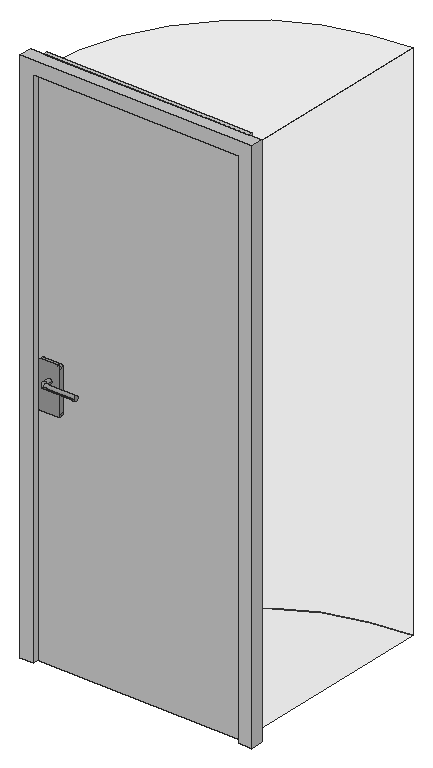
Revit family "AVLN_Дверь_Калитка", category Двери, Revit 2021
Family settings
  Основа = Стена
  Номер OmniClass = 23.30.10.00
  Заголовок OmniClass = Doors
  Всегда вертикально = Да
  При загрузке вырезать с полостями = Нет
  Общий = Нет
  Точка принадлежности помещению = Нет
Parameters (values of type "900х2050(h)_Калитка_П")
  Ширина полотна [instance] = Width - Монтажный зазор * 2 - Коробка толщина * 2  # 800 mm
  Тонкая линия проема = yes
  Толщина = 30 mm  # constant formula
  С1 [instance] = if(Смещение проема = 0 mm, 1 mm, 0 mm)  # 0 mm
  Порог_наружный_смещение [instance] = 50 mm
  Порог_внутренний_смещение [instance] = 50 mm
  Порог_внуренний [instance] = no
  Порог [instance] = no
  Определить тепловые свойства по = Тип схем
  Описание = "Дверь деревянная глухая межкомнатаная"
  Смещение проема [instance] = 50 mm
  Смещение внутрь = 0 mm
  Ручка смещение = 60 mm  # constant formula
  Ручка высота = 1000 mm  # constant formula
  Рабочая зона = no
  Rough Width = Width - Монтажный зазор * 2  # 900 mm
  Rough Height = Height - Монтажный зазор  # 2050 mm
  Правая = no
  Окрывание 30° = yes
  Монтажный зазор сверху [instance] = if(Смещение проема = 0 mm, Монтажный зазор, Монтажный зазор)  # 0 mm
  Монтажный зазор = 0 mm  # constant formula
  Матиал_Коробка = Сталь
  Материал_Рабочая зона = none
  Материал_Полотно = Профилированный лист
  Материал_Монтажный зазор = Монтажный зазор
  Материал_Стекло = Остекление
  Материал_Дверной ручки = По умолчанию
  Левая = not(Правая)  # yes
  Коробка.Профиль = 1 mm  # constant formula
  Коробка толщина = 50 mm  # constant formula
  Type Comments = ""
  Заполнение под проемом_Видимость [instance] = if(Смещение проема = 0 mm, 1 = 0, 1 = 1)  # yes
  Функция = Наружные слои
  Группа модели = "Калитка"
  Height = 2050 mm
  Замыкание стены = По основе
  Width = 900 mm
  Аналитическая конструкция = "<Нет>"
  АВЛН_Проем_Ширина [instance] = Width  # 900 mm
  АВЛН_Проем_Высота [instance] = Height + Смещение проема  # 2100 mm
  ADSK_Размер_Высота [instance] = if(Смещение проема = 0 mm, Height, Height)  # 2050 mm
  ADSK_Примечание [instance] = ""
  ADSK_Позиция [instance] = ""
  ADSK_Обозначение = "Индивидуальное изготовление"
  ADSK_Наименование = "ДСВ Оп 2090-900 Пр"
  ADSK_Масса = 0
  ADSK_Марка [instance] = ""
  ADSK_Количество [instance] = 0
  ADSK_Единица измерения [instance] = ""
  1 = Монтажный зазор * 2 + 100 mm  # 100 mm
Types (4, lengths in mm): name | Rough Height | Правая | Левая | Type Comments | Height | АВЛН_Проем_Высота | ADSK_Размер_Высота | ADSK_Обозначение | ADSK_Наименование
  900х2050(h)_Калитка_П | 2050 | no | yes | "" | 2050 | 2100 | 2050 | "Индивидуальное изготовление" | "ДСВ Оп 2090-900 Пр"
  900х2050(h)_Калитка_Л | 2050 | no | yes | "" | 2050 | 2100 | 2050 | "Индивидуальное изготовление" | "ДСВ Оп 2090-900 Л"
  900х2090(h)_Калитка_П | 2090 | yes | no | "Двери внутренние" | 2090 | 2140 | 2090 | "ГОСТ 31173-2016" | "ДСВ Оп 2090-900 Прг Пр Н П2лс"
  900х2090(h)_Калитка_Л | 2090 | no | yes | "Двери внутренние" | 2090 | 2140 | 2090 | "ГОСТ 31173-2016" | "ДСВ Оп 2090-900 Прг Л Н П2лс"
Reference planes
  plane 1: y = 0
  plane 2 "По центру (Влево/Вправо)": x = 0
  plane 3 "Слева": x = -450
  plane 4 "Справа": x = 450
  plane 5: z = 2100
  plane 6 "Наружный": y = 150
  plane 7 "Внутренние": y = -150
  plane 8: z = 50
  plane 9: x = -450
  plane 10: x = 450
  plane 11: x = 400
  plane 12: x = -400
  plane 13: z = 2100
  plane 14: z = 2050
  plane 15 "Полотно_Н": y = 150
  plane 16 "Полотно_В": y = 120
  plane 17: x = -340
  plane 18: x = 340
  plane 19: z = 1000
  plane 20: z = 1050
  plane 21 "Короб_В": y = 100
  plane 22: x = -399
  plane 23: x = 399
  plane 24: z = 2049
  plane 25: y = 1050
  plane 26: x = 300
  plane 27: z = 1950
  plane 28: x = -300
  plane 29: z = 1200
  plane 30: y = 135
  plane 31: y = 142.5
  plane 32: y = 127.5
  plane 33: y = 200
  plane 34: y = -200
  plane 35: z = 50
  plane 36: y = 950
Forms (mm)
  Extrusion 1, solid, material "Профилированный лист" <- "Материал_Полотно", detail levels fine
    sketch origin (0, 150, 0) x (1, 0, 0) y (0, 0, 1)
      loop
        line (400, 2100) -> (-400, 2100) -> (-400, 50) -> (400, 50) -> (400, 2100)
    from -15 to 0
  Sweep 2, solid, material "Сталь" <- "Матиал_Коробка"
    path origin (0, 150, 0) x (-1, 0, 0) y (0, 0, 1)
      loop
        line (400, 0) -> (400, 2050) -> (-400, 2050) -> (-400, 0)
    profile origin (-400, 150, 1025) x (0, 1, 0) y (-1, 0, 0)
      loop
        line (0, 50) -> (-50, 50) -> (-50, -1) -> (-30, -1) -> (-30, 0) -> (0, 0) -> (0, 50)
  Extrusion 3, void
    sketch origin (0, 0, 0) x (1, 0, 0) y (0, 1, 0)
      loop
        line (-450, 1050) -> (-450, 150) -> (450, 150) -> (450, 1050) -> (-450, 1050)
    from 50 to 2100
  Extrusion 4, solid, material "Профилированный лист" <- "Материал_Полотно"
    sketch origin (0, 150, 0) x (1, 0, 0) y (0, 0, 1)
      loop
        line (400, 2050) -> (-400, 2050) -> (-400, 0) -> (400, 0) -> (400, 2050)
    from 0 to 30
  Extrusion 5, solid, material "Зоны открывания", visible <- "Правая"
    sketch origin (1491.722, 564.195, 0) x (1, 0, 0) y (0, 1, 0)
      loop
        line (-1891.722, -414.195) -> (-1091.722, -414.195)
        arc (-1091.722, -414.195) -> (-1326.037, 151.491) -> (-1891.722, 385.805) r 800
        line (-1891.722, 385.805) -> (-1891.722, -414.195)
    from 0 to 2050
  Extrusion 6, solid, material "Зоны открывания", visible <- "Левая"
    sketch origin (-1491.722, 564.195, 0) x (-1, 0, 0) y (0, -1, 0)
      loop
        line (-1891.722, 414.195) -> (-1891.722, -385.805)
        arc (-1891.722, -385.805) -> (-1326.037, -151.491) -> (-1091.722, 414.195) r 800
        line (-1091.722, 414.195) -> (-1891.722, 414.195)
    from 0 to 2050
Lines and regions (mm)
  Opening 1
    outline origin (-3050, -150, 0) x (1, 0, 0) y (0, 0, 1)
      loop
        line (2600, 0) -> (3500, 0) -> (3500, 2100) -> (2600, 2100) -> (2600, 0)
  Masking region 1, visible <- "Тонкая линия проема"
    outline origin (95.796, -283.072, 0) x (1, 0, 0) y (0, 1, 0)
      loop
        line (-549.745, 443.072) -> (-545.796, 433.072) -> (-545.796, 133.072) -> (-545.796, 123.072) -> (354.204, 123.072) -> (354.204, 133.072) -> (354.204, 433.072) -> (356.729, 443.072) -> (-549.745, 443.072)
  model lines, style "Открывание_Внутрь", visible <- "Левая"
    curve 1: line (399, 120, 2049) -> (-399, 120, 1050)
    curve 2: line (-399, 120, 1050) -> (399, 120, 0)
  model lines, style "Открывание_Внутрь", visible <- "Правая"
    curve 3: line (-399, 120, 0) -> (399, 120, 1050)
    curve 4: line (399, 120, 1050) -> (-399, 120, 2049)
  model lines, style "Открывание_Наружу", visible <- "Правая"
    curve 5: line (-400, 165, 0) -> (399, 165, 1050)
    curve 6: line (399, 165, 1050) -> (-400, 165, 2050)
  model lines, style "Открывание_Наружу", visible <- "Левая"
    curve 7: line (400, 150, 2050) -> (-399, 150, 1050)
    curve 8: line (-399, 150, 1050) -> (400, 150, 0)
  model lines, style "Рабочая зона", visible <- "Рабочая зона"
    curve 9: line (-450, 150, 0) -> (-450, 1050, 0)
    curve 10: line (-450, 1050, 0) -> (450, 1050, 0)
    curve 11: line (450, 150, 0) -> (450, 1050, 0)
  symbolic lines, style "Порог", visible <- "Порог_внуренний"
    curve 12: line (-450, -200, 0) -> (450, -200, 0)
  symbolic lines, style "Порог", visible <- "Порог"
    curve 13: line (-450, 200, 0) -> (450, 200, 0)
Text (mm)
  text "Наружный" at (-2295.016, 1099.543, 0), in view "Опорный уровень"
  text "Наружный" at (0, 1615.38, 3698.081), in view "Слева"
  text "Наружный" at (0, 1036.032, 3874.932), in view "Справа"
Dimensions and locks
  equal spacing: plane 3 "Слева", plane 2 "По центру (Влево/Вправо)", plane 4 "Справа"
  "Width": plane 3 "Слева" to plane 4 "Справа"
  host wall to plane 5 = 2564.966 mm  (x2)
  locked: plane 6 "Наружный" to host wall
  locked: plane 7 "Внутренние" to host wall
  level to plane 8 = 50 mm
  "ADSK_Размер_Высота": plane 8 to plane 5
  "Монтажный зазор": plane 3 "Слева" to plane 9
  "Монтажный зазор": plane 10 to plane 4 "Справа"
  "Смещение внутрь": plane 15 "Полотно_Н" to plane 6 "Наружный"
  "Толщина": plane 15 "Полотно_Н" to plane 16 "Полотно_В"
  "Монтажный зазор сверху": plane 13 to plane 5
  "Коробка толщина": plane 14 to plane 13
  "Коробка толщина": plane 12 to plane 9
  "Коробка толщина": plane 11 to plane 10
  "Смещение проема": plane 8 to level
  "Ручка высота": level to plane 19
  "Ручка смещение": plane 12 to plane 17
  "Ручка смещение": plane 18 to plane 11
  equal spacing: level, plane 20, plane 5
  equal spacing: plane 7 "Внутренние", plane 1, plane 6 "Наружный"
  "Коробка толщина": plane 15 "Полотно_Н" to plane 21 "Короб_В"
  "Коробка.Профиль": plane 12 to plane 22
  "Коробка.Профиль": plane 23 to plane 11
  "Коробка.Профиль": plane 14 to plane 24
  "Width": plane 25 to plane 15 "Полотно_Н"
  plane 26 to plane 11 = 100 mm
  plane 12 to plane 28 = 100 mm
  plane 27 to plane 14 = 100 mm
  level to plane 29 = 1200 mm
  equal spacing: plane 15 "Полотно_Н", plane 30, plane 16 "Полотно_В"
  equal spacing: plane 32, plane 30, plane 31
  plane 32 to plane 31 = 15 mm
  "Порог_наружный_смещение": plane 6 "Наружный" to plane 33
  "Порог_внутренний_смещение": plane 34 to plane 7 "Внутренние"
  "С1": plane 8 to plane 35
  equal spacing: group 9, group 8, group 7, group 6, group 5, group 4, group 3, group 2, group 1
  equal spacing: group 1, group 2, group 3, group 4, group 5, group 6, group 7, group 8, group 9  (x2)
  "1": plane 25 to plane 36
  aligned and locked: plane 3 "Слева" to Opening 1 sketch curve
  aligned and locked: Opening 1 sketch curve to plane 4 "Справа"
  aligned and locked: plane 1 to host wall
  aligned and locked: nested 1 to plane 16 "Полотно_В"
  aligned and locked: nested 2 to plane 15 "Полотно_Н"
  aligned and locked: plane 15 "Полотно_Н" to nested 4
  aligned and locked: plane 16 "Полотно_В" to nested 3
  aligned and locked: plane 5 to Opening 1 sketch curve
  aligned and locked: nested 2 to plane 19
  aligned and locked: plane 19 to nested 4
  aligned and locked: plane 19 to nested 1
  aligned and locked: nested 3 to plane 19
  aligned and locked: plane 18 to nested 4
  aligned and locked: plane 17 to nested 2
  aligned and locked: nested 3 to plane 18
  aligned and locked: nested 1 to plane 17
  aligned and locked: nested 5 to plane 4 "Справа"
  aligned and locked: plane 3 "Слева" to nested 5
  aligned and locked: nested 5 to plane 15 "Полотно_Н"
  aligned and locked: nested 6 to plane 3 "Слева"
  aligned and locked: plane 4 "Справа" to nested 6
  aligned and locked: plane 15 "Полотно_Н" to nested 6
  aligned and locked: plane 11 to Sweep 2 sketch curve
  aligned and locked: plane 14 to Sweep 2 sketch curve
  aligned and locked: plane 12 to Sweep 2 sketch curve  (x2)
  aligned and locked: plane 15 "Полотно_Н" to Sweep 2 sketch curve
  aligned and locked: plane 9 to Sweep 2 sketch curve
  aligned and locked: plane 22 to Sweep 2 sketch curve
  aligned and locked: plane 21 "Короб_В" to Sweep 2 sketch curve
  aligned and locked: plane 16 "Полотно_В" to Sweep 2 sketch curve
  aligned and locked: plane 22 to curve 4
  aligned and locked: plane 24 to curve 4
  aligned and locked: plane 24 to curve 1
  aligned and locked: plane 23 to curve 1
  aligned and locked: plane 22 to curve 1
  aligned and locked: plane 20 to curve 2
  aligned and locked: plane 23 to curve 4
  aligned and locked: plane 20 to curve 3
  aligned and locked: Sweep 2 to curve 3
  aligned and locked: level to curve 3
  aligned and locked: Sweep 2 to curve 2
  aligned and locked: level to curve 2
  aligned and locked: curve 9 to plane 3 "Слева"
  aligned and locked: curve 10 to plane 25
  aligned and locked: curve 11 to plane 4 "Справа"
  aligned and locked: plane 15 "Полотно_Н" to curve 9
  aligned and locked: plane 15 "Полотно_Н" to curve 11
  aligned and locked: Extrusion 3 sketch curve to plane 25
  aligned and locked: Extrusion 3 sketch curve to plane 3 "Слева"
  aligned and locked: Extrusion 3 sketch curve to plane 15 "Полотно_Н"
  aligned and locked: Extrusion 3 sketch curve to plane 4 "Справа"
  aligned and locked: Extrusion 3 to plane 5
  aligned and locked: plane 11 to Extrusion 4 sketch curve
  aligned and locked: plane 14 to Extrusion 4 sketch curve
  aligned and locked: plane 12 to Extrusion 4 sketch curve
  aligned and locked: level to Extrusion 4 sketch curve
  aligned and locked: plane 15 "Полотно_Н" to Extrusion 4
  aligned and locked: Extrusion 4 to plane 16 "Полотно_В"
  aligned and locked: curve 6 to curve 4
  aligned and locked: curve 8 to curve 2
  aligned and locked: Masking region 1 sketch curve to curve 9
  aligned and locked: plane 6 "Наружный" to Masking region 1 sketch curve
  aligned and locked: host wall to Masking region 1 sketch curve  (x2)
  aligned and locked: plane 3 "Слева" to Masking region 1
  aligned and locked: Masking region 1 to plane 4 "Справа"
  aligned and locked: plane 3 "Слева" to curve 13
  aligned and locked: plane 4 "Справа" to curve 13
  aligned and locked: curve 13 to plane 33
  aligned and locked: curve 12 to plane 34
  aligned and locked: Extrusion 3 to plane 8
  aligned and locked: Sweep 2 sketch curve to host wall  (x2)
  aligned and locked: plane 13 to Extrusion 1
  aligned and locked: Extrusion 1 to Sweep 2
  aligned and locked: Extrusion 1 to host wall
  aligned and locked: Extrusion 1 to nested 2
  aligned and locked: Sweep 2 to Extrusion 1
  aligned and locked: Extrusion 1 to plane 8
  aligned and locked: Opening 1 sketch curve to level
  aligned and locked: Extrusion 4 to level
  aligned and locked: Extrusion 5 sketch curve to plane 15 "Полотно_Н"
  aligned and locked: Extrusion 5 to level
  aligned and locked: plane 14 to Extrusion 5
  aligned and locked: Extrusion 5 sketch curve to plane 12
  aligned and locked: plane 11 to Extrusion 5 sketch curve
  aligned and locked: plane 36 to Extrusion 5 sketch curve
  aligned and locked: Extrusion 6 sketch curve to plane 11
  aligned and locked: plane 15 "Полотно_Н" to Extrusion 6 sketch curve
  aligned and locked: plane 36 to Extrusion 6 sketch curve
  aligned and locked: plane 12 to Extrusion 6 sketch curve
  aligned and locked: Extrusion 6 to level
  aligned and locked: plane 14 to Extrusion 6
Automatic sketch dimensions
  Extrusion 1 sketch curve to plane 5 = 0 mm
  plane 12 to Extrusion 1 sketch curve = 0 mm
  Extrusion 1 sketch curve to plane 8 = 0 mm
  plane 11 to Extrusion 1 sketch curve = 0 mm
  curve 12 to plane 3 "Слева" = 0 mm
  curve 12 to plane 4 "Справа" = 0 mm
  curve 8 to level = 0 mm
  plane 11 to curve 8 = 0 mm
  plane 11 to curve 7 = 0 mm
  curve 8 to plane 20 = 0 mm
  curve 7 to plane 14 = 0 mm
  Masking region 1 sketch curve to plane 4 "Справа" = 0 mm
  Masking region 1 sketch curve to host wall = 0 mm
  plane 3 "Слева" to Masking region 1 sketch curve = 3.949 mm
  Masking region 1 sketch curve to plane 4 "Справа" = 2.525 mm
  host wall to Masking region 1 sketch curve = 10 mm  (x2)
  curve 6 to Extrusion 1 = 0 mm
  Extrusion 1 to curve 5 = 0 mm
  Extrusion 1 to curve 6 = 1 mm
  curve 5 to Extrusion 1 = 50 mm
  Extrusion 1 to curve 6 = 50 mm
Nested families
  nested 1: "Дв_Дверная ручка" at (-340, 120, -40), visible <- "Левая", type "Дв_Дверная ручка", detail levels fine
    with Высота расположения дверной ручки 1040 mm
  nested 2: "Дв_Дверная ручка" at (-340, 150, -40), visible <- "Левая", type "Дв_Дверная ручка", detail levels fine
    with Высота расположения дверной ручки 1040 mm
  nested 3: "Дв_Дверная ручка" at (340, 120, -40) x (-1, 0, 0) z (0, 0, 1), visible <- "Правая", type "Дв_Дверная ручка", detail levels fine
    with Высота расположения дверной ручки 1040 mm
  nested 4: "Дв_Дверная ручка" at (340, 150, -40) x (-1, 0, 0) z (0, 0, 1), visible <- "Правая", type "Дв_Дверная ручка", detail levels fine
    with Высота расположения дверной ручки 1040 mm
  nested 5: "АС-Однопольная-Обозначение на плане" at (0, 150, 0), Width <- "Width", Толщина <- "Толщина", Коробка.Толщина <- "Коробка толщина", Height <- "Rough Height", Полотно.Ширина <- "Ширина полотна", Rough Width <- "Rough Width", visible <- "Левая", Коробка.Ширина <- "Коробка.Профиль", type "АС-Стандарт"
    with Width 900 mm, Толщина 30 mm, Rough Width 900 mm, Полотно.Ширина 800 mm, Коробка.Ширина 1 mm, Коробка.Толщина 50 mm, Height 2050 mm
  nested 6: "АС-Однопольная-Обозначение на плане" at (0, 150, 0) x (-1, 0, 0) z (0, 0, 1), Width <- "Width", Толщина <- "Толщина", Коробка.Толщина <- "Коробка толщина", Height <- "Rough Height", Полотно.Ширина <- "Ширина полотна", Rough Width <- "Rough Width", visible <- "Правая", Коробка.Ширина <- "Коробка.Профиль", type "АС-Стандарт"
    with Width 900 mm, Толщина 30 mm, Rough Width 900 mm, Полотно.Ширина 800 mm, Коробка.Ширина 1 mm, Коробка.Толщина 50 mm, Height 2050 mm
Definition of nested family "Дв_Дверная ручка"
  Parameters (values of type "Дв_Дверная ручка")
    Материал дверной ручки = none
    Высота расположения дверной ручки [instance] = 1040 mm
    Analytic Construction = "<Нет>"
  Reference planes
    plane 1 "По центру (Вперед/Назад)": y = 0
    plane 2: z = 0
    plane 3 "По центру (Влево/Вправо)": x = 0
    plane 4: z = 1040
    plane 5: x = -41.434
    plane 6: x = 41.434
    plane 7: z = 1106.663
    plane 8: z = 926.663
    plane 9: y = -15
  Forms (mm)
    Extrusion 1, solid, material <- "Материал дверной ручки"
      sketch origin (0, 0, 0) x (1, 0, 0) y (0, 0, 1)
        loop
          arc (-31.434, 1106.663) -> (-38.505, 1103.734) -> (-41.434, 1096.663) r 10
          line (-41.434, 1096.663) -> (-41.434, 936.663)
          arc (-41.434, 936.663) -> (-38.505, 929.591) -> (-31.434, 926.663) r 10
          line (-31.434, 926.663) -> (31.434, 926.663)
          arc (31.434, 926.663) -> (38.505, 929.591) -> (41.434, 936.663) r 10
          line (41.434, 936.663) -> (41.434, 1096.663)
          arc (41.434, 1096.663) -> (38.505, 1103.734) -> (31.434, 1106.663) r 10
          line (31.434, 1106.663) -> (-31.434, 1106.663)
      from 0 to 15
    Sweep 2, solid, material <- "Материал дверной ручки"
      path origin (0, 0, 0) x (1, 0, 0) y (0, 1, 0)
        loop
          line (0, -15) -> (0, -38.261)
          arc (0, -38.261) -> (2.929, -45.332) -> (10, -48.261) r 10
          line (10, -48.261) -> (130, -48.261)
      profile origin (0, -26.63, 0) x (1, 0, 0) y (0, 0, 1)
        loop
          circle (0, 1040) r 8
  Dimensions and locks
    "Высота расположения дверной ручки": plane 4 to level
    plane 7 to plane 8 = 180 mm
    plane 6 to plane 5 = 82.868 mm
    equal spacing: plane 6, plane 3 "По центру (Влево/Вправо)", plane 5
    locked: plane 1 "По центру (Вперед/Назад)" to plane 9 at 15
    aligned and locked: level to plane 2
    aligned and locked: Extrusion 1 sketch curve to plane 7
    aligned and locked: plane 5 to Extrusion 1 sketch curve
    aligned and locked: plane 8 to Extrusion 1 sketch curve
    aligned and locked: Extrusion 1 sketch curve to plane 6
    aligned and locked: Extrusion 1 to plane 1 "По центру (Вперед/Назад)"
    aligned and locked: plane 4 to Sweep 2
  Automatic sketch dimensions
    plane 5 to Extrusion 1 sketch curve = 10 mm
    Extrusion 1 sketch curve to Extrusion 1 sketch curve = 10 mm  (x2)
    Extrusion 1 sketch curve to plane 6 = 10 mm
    Sweep 2 sketch curve to plane 3 "По центру (Влево/Вправо)" = 0 mm
    plane 9 to Sweep 2 sketch curve = 0 mm
    Sweep 2 sketch curve to Sweep 2 sketch curve = 10 mm
    Sweep 2 sketch curve to Sweep 2 sketch curve = 23.261 mm
    Sweep 2 sketch curve to Sweep 2 sketch curve = 120 mm
    profile plane to Sweep 2 sketch curve = 0 mm
    level to Sweep 2 sketch curve = 1040 mm
    radius of Sweep 2 sketch curve = 8 mm
Definition of nested family "АС-Однопольная-Обозначение на плане"
  Parameters (values of type "АС-Стандарт")
    Полотно.Ширина [instance] = 900 mm
    Открывание двери 90 = not(Открывание двери 30)  # no
    Открывание двери 30 = yes
    Линия открывания (дуга) = not(Открывание двери 30)  # no
    Коробка.Ширина [instance] = 40 mm
    Коробка.Толщина [instance] = 80 mm
    Width [instance] = 1000 mm
    Thickness [instance] = 40 mm
    Rough Width [instance] = 960 mm
    Height [instance] = 2100 mm
    Default Elevation = 0 mm
    Analytic Construction = "<Нет>"
  Reference planes
    plane 1 "Center (Front/Back)": y = 0
    plane 2: z = 0
    plane 3 "Center (Left/Right)": x = 0
    plane 4 "Полотно.Слева": x = -480
    plane 5 "Полотно справа": x = 480
    plane 6 "Проем.Слева": x = -500
    plane 7 "Проем.Справа": x = 500
    plane 8 "Полотно. Внутренняя сторона": y = -40
    plane 9 "Коробка. Внутренняя сторона": y = -80
    plane 10 "Коробка.Внутренняя сторона слева": x = -450
    plane 11 "Коробка. Внутренняя сторона справа": x = 450
    plane 12 "2": x = -410
    plane 13 "3": x = 410
  Lines and regions (mm)
    Masking region 1, detail levels fine
      outline origin (0, 0, 0) x (1, 0, 0) y (0, 1, 0)
        loop
          line (-500, -80) -> (-480, -80) -> (-480, 0) -> (-500, 0) -> (-500, -80)
    Masking region 2, detail levels fine
      outline origin (0, 0, 0) x (1, 0, 0) y (0, 1, 0)
        loop
          line (500, -80) -> (500, 0) -> (480, 0) -> (480, -80) -> (500, -80)
    Masking region 3, detail levels fine
      outline origin (0, 0, 0) x (1, 0, 0) y (0, 1, 0)
        loop
          line (-480, 0) -> (-480, -80) -> (-410, -80) -> (-410, -40) -> (-450, -40) -> (-450, 0) -> (-480, 0)
    Masking region 4, detail levels fine
      outline origin (0, 0, 0) x (1, 0, 0) y (0, 1, 0)
        loop
          line (480, 0) -> (450, 0) -> (450, -40) -> (410, -40) -> (410, -80) -> (480, -80) -> (480, 0)
    Masking region 5, visible <- "Открывание двери 90", detail levels fine
      outline origin (0, 0, 0) x (1, 0, 0) y (0, 1, 0)
        loop
          line (450, 0) -> (450, 900) -> (410, 900) -> (410, 0) -> (450, 0)
    Masking region 6, visible <- "Открывание двери 30", detail levels fine
      outline origin (0, 0, 0) x (1, 0, 0) y (0, 1, 0)
        loop
          line (450, 0) -> (-329.423, 450) -> (-349.423, 415.359) -> (430, -34.641) -> (450, 0)
    symbolic lines, visible <- "Открывание двери 30", detail levels coarse+medium
      curve 1: line (500, 0, 0) -> (-366.025, 500, 0)
    symbolic lines, visible <- "Открывание двери 90", detail levels coarse+medium
      curve 2: line (500, 0, 0) -> (500, 1000, 0)
    symbolic lines, visible <- "Линия открывания (дуга)", detail levels coarse+medium
      curve 3: arc (500, 1000, 0) -> (-207.107, 707.107, 0) -> (-500, 0, 0) r 1000
    symbolic lines, visible <- "Линия открывания (дуга)", detail levels fine
      curve 4: arc (-450, 0, 0) -> (-186.396, 636.396, 0) -> (450, 900, 0) r 900
    model lines, not visible
      curve 5: line (0, 0, 0) -> (0, 0, 2100)
  Dimensions and locks
    "Thickness": plane 1 "Center (Front/Back)" to plane 8 "Полотно. Внутренняя сторона"  (x2)
    equal spacing: plane 4 "Полотно.Слева", plane 3 "Center (Left/Right)", plane 5 "Полотно справа"
    equal spacing: plane 6 "Проем.Слева", plane 3 "Center (Left/Right)", plane 7 "Проем.Справа"
    "Width": plane 6 "Проем.Слева" to plane 7 "Проем.Справа"
    "Rough Width": plane 4 "Полотно.Слева" to plane 5 "Полотно справа"
    plane 1 "Center (Front/Back)" to plane 9 "Коробка. Внутренняя сторона" = 80 mm
    "Коробка.Толщина": plane 9 "Коробка. Внутренняя сторона" to plane 1 "Center (Front/Back)"
    equal spacing: plane 10 "Коробка.Внутренняя сторона слева", plane 3 "Center (Left/Right)", plane 11 "Коробка. Внутренняя сторона справа"
    "Полотно.Ширина": plane 10 "Коробка.Внутренняя сторона слева" to plane 11 "Коробка. Внутренняя сторона справа"
    "Width": curve 1 to curve 1
    "Width": plane 1 "Center (Front/Back)" to curve 2
    "Коробка.Ширина": plane 10 "Коробка.Внутренняя сторона слева" to Masking region 3 sketch curve
    "Коробка.Ширина": Masking region 4 sketch curve to Masking region 4 sketch curve
    "Полотно.Ширина": plane 1 "Center (Front/Back)" to Masking region 5 sketch curve
    "Thickness": Masking region 5 sketch curve to plane 11 "Коробка. Внутренняя сторона справа"
    "Полотно.Ширина": Masking region 6 sketch curve to Masking region 6 sketch curve
    "Thickness": Masking region 6 sketch curve to Masking region 6 sketch curve
    "Height": curve 5 to level
    "Thickness": Masking region 5 to plane 11 "Коробка. Внутренняя сторона справа"
    "Thickness": Masking region 6 to Masking region 6
    "Коробка.Ширина": plane 10 "Коробка.Внутренняя сторона слева" to plane 12 "2"
    "Коробка.Ширина": plane 13 "3" to plane 11 "Коробка. Внутренняя сторона справа"
    "Width": radius of curve 3
    "Полотно.Ширина": radius of curve 4
    locked: curve 1 to plane 1 "Center (Front/Back)" (angle 30.00°)
    locked: Masking region 6 sketch curve to plane 1 "Center (Front/Back)" (angle 30.00°)
    aligned and locked: level to plane 2
    aligned and locked: plane 7 "Проем.Справа" to curve 2
    aligned and locked: plane 1 "Center (Front/Back)" to curve 2
    aligned and locked: Masking region 1 sketch curve to plane 9 "Коробка. Внутренняя сторона"
    aligned and locked: plane 6 "Проем.Слева" to Masking region 1 sketch curve
    aligned and locked: Masking region 1 sketch curve to plane 1 "Center (Front/Back)"
    aligned and locked: plane 4 "Полотно.Слева" to Masking region 1 sketch curve
    aligned and locked: plane 9 "Коробка. Внутренняя сторона" to Masking region 2 sketch curve
    aligned and locked: Masking region 2 sketch curve to plane 7 "Проем.Справа"
    aligned and locked: plane 1 "Center (Front/Back)" to Masking region 2 sketch curve
    aligned and locked: plane 5 "Полотно справа" to Masking region 2 sketch curve
    aligned and locked: Masking region 3 sketch curve to plane 4 "Полотно.Слева"
    aligned and locked: Masking region 3 sketch curve to plane 10 "Коробка.Внутренняя сторона слева"
    aligned and locked: Masking region 3 sketch curve to plane 1 "Center (Front/Back)"
    aligned and locked: Masking region 3 sketch curve to plane 9 "Коробка. Внутренняя сторона"
    aligned and locked: Masking region 3 sketch curve to plane 8 "Полотно. Внутренняя сторона"
    aligned and locked: Masking region 4 sketch curve to plane 5 "Полотно справа"
    aligned and locked: Masking region 4 sketch curve to plane 11 "Коробка. Внутренняя сторона справа"
    aligned and locked: Masking region 4 sketch curve to plane 9 "Коробка. Внутренняя сторона"
    aligned and locked: Masking region 4 sketch curve to plane 8 "Полотно. Внутренняя сторона"
    aligned and locked: Masking region 4 sketch curve to plane 1 "Center (Front/Back)"
    aligned and locked: curve 4 to Masking region 3
    aligned and locked: plane 11 "Коробка. Внутренняя сторона справа" to curve 4
    aligned and locked: Masking region 4 to Masking region 5 sketch curve
    aligned and locked: Masking region 5 sketch curve to Masking region 4
    aligned and locked: plane 11 "Коробка. Внутренняя сторона справа" to Masking region 6 sketch curve
    aligned and locked: plane 2 to curve 5
    aligned and locked: plane 3 "Center (Left/Right)" to curve 5
    aligned and locked: plane 11 "Коробка. Внутренняя сторона справа" to Masking region 5
    aligned and locked: plane 1 "Center (Front/Back)" to Masking region 5
  Automatic sketch dimensions
    plane 1 "Center (Front/Back)" to Masking region 6 sketch curve = 0 mm
